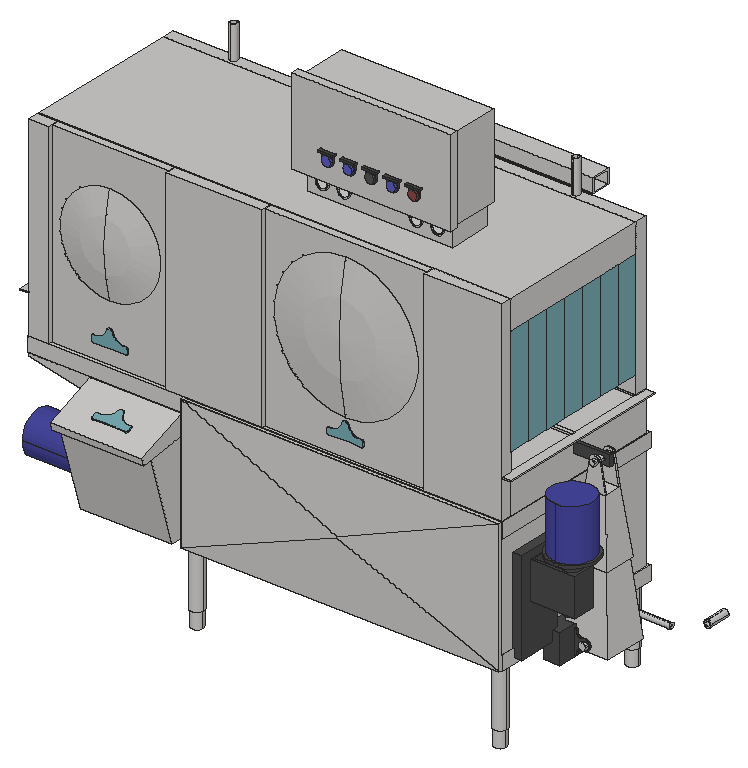
Revit family (continued)
Dimensions and locks (in)
  locked: plane 34 "Back of Panel" to plane 33 at 7
  locked: plane 33 to plane 35 "Front of Upper Panel" at 1
  locked: plane 29 to plane 36 at 0.5
  locked: plane 37 to plane 30 at 0.5
  locked: Extrusion 26 sketch curve to plane 27 at 2
  locked: Extrusion 26 sketch curve to plane 13 "Top of Machine" at 1.75
  locked: Extrusion 28 sketch curve to plane 28 at 2
  locked: Extrusion 28 sketch curve to plane 13 "Top of Machine" at 1.75
  locked: Extrusion 31 sketch curve to plane 13 "Top of Machine" at 5.875
  locked: Extrusion 32 sketch curve to plane 13 "Top of Machine" at 5.875
  locked: Extrusion 33 sketch curve to plane 13 "Top of Machine" at 5.875
  locked: Extrusion 34 sketch curve to plane 13 "Top of Machine" at 5.875
  locked: Extrusion 35 sketch curve to plane 13 "Top of Machine" at 5.875
  locked: Extrusion 36 sketch curve to plane 14 "Panel Top" at 4.12493
  locked: plane 38 to plane 9 "Right End Cowl" at 0.125
  locked: plane 10 to plane 39 at 3.875
  locked: plane 40 to plane 41 at 24.875
  locked: plane 41 to plane 6 "FRONT" at 0.0625
  plane 42 "Top of Vents" to plane 13 "Top of Machine" = 0' - 4"
  locked: Extrusion 41 sketch curve to plane 5 "RIGHT" at 1.375
  locked: plane 5 "RIGHT" to Extrusion 42 sketch curve at 1.375
  locked: plane 5 "RIGHT" to Extrusion 42 sketch curve at 7.625
  locked: plane 5 "RIGHT" to Extrusion 42 sketch curve at 6
  locked: plane 5 "RIGHT" to Extrusion 43 sketch curve at 6
  locked: plane 5 "RIGHT" to Extrusion 46 sketch curve at 6
  locked: plane 5 "RIGHT" to Extrusion 47 sketch curve at 6
  locked: plane 5 "RIGHT" to Blend 45 sketch curve at 6
  locked: Extrusion 58 sketch curve to plane 3 "BACK" at 0.75
  locked: plane 43 to plane 22 "Door Center" at 14.5
  locked: plane 43 to plane 44 at 29
  locked: plane 46 to plane 13 "Top of Machine" at 2
  locked: plane 45 to plane 3 "BACK" at 3
  Extrusion 61 sketch curve to plane 13 "Top of Machine" = 1' - 1"
  locked: plane 30 to Extrusion 61 sketch curve at 1
  Extrusion 62 sketch curve to plane 3 "BACK" = 0' - 3"
  locked: plane 47 to plane 3 "BACK" at 5
  locked: plane 48 to plane 13 "Top of Machine" at 29
  locked: plane 49 to plane 51 at 0.125
  locked: plane 52 to plane 50 at 3.875
  locked: plane 54 "LEFT" to plane 56 at 0.25
  "Width": plane 54 "LEFT" to plane 5 "RIGHT"
  locked: plane 53 "Left of Middle" to plane 54 "LEFT" at 0.125
  locked: plane 55 to plane 54 "LEFT" at 1.25
  "Single Door Opening": plane 58 to plane 57
  locked: Extrusion 78 sketch curve to plane 21 at 1.125
  plane 59 "Left of Bin" to plane 2 "Left of Bottom" = 1' - 0 15/16"
  locked: plane 60 to plane 53 "Left of Middle" at 2.5
  locked: plane 61 to level at 13.625
  locked: Extrusion 30 sketch curve to plane 22 "Door Center" at 1
  locked: plane 22 "Door Center" to Extrusion 35 sketch curve at 0.75
  locked: plane 22 "Door Center" to Extrusion 88 sketch curve at 6
  locked: plane 22 "Door Center" to Extrusion 31 sketch curve at 3
  locked: Extrusion 30 to Extrusion 32 sketch curve at 1
  locked: Extrusion 33 sketch curve to plane 22 "Door Center" at 3
  locked: Extrusion 34 sketch curve to plane 22 "Door Center" at 6
  locked: Extrusion 58 sketch curve to plane 5 "RIGHT" at 9
  locked: plane 54 "LEFT" to Extrusion 90 sketch curve at 28
  locked: plane 54 "LEFT" to Extrusion 91 sketch curve at 9
  locked: Extrusion 62 sketch curve to plane 5 "RIGHT" at 28
  locked: plane 62 to level at 8.5
  locked: plane 6 "FRONT" to plane 64 at 7
  locked: plane 65 to level at 8
  locked: plane 68 "Condensate" to plane 3 "BACK" at 3
  equal spacing: plane 23, plane 22 "Door Center", plane 24
  locked: plane 23 to plane 69 at 0.25
  locked: plane 70 to plane 24 at 0.25
  locked: plane 73 to plane 22 "Door Center" at 0.0625
  locked: plane 22 "Door Center" to plane 72 at 0.0625
  locked: plane 22 "Door Center" to plane 71 at 1.4375
  locked: plane 74 to plane 22 "Door Center" at 1.4375
  locked: plane 58 to plane 75 at 0.25
  locked: plane 76 to plane 57 at 0.125
  locked: plane 77 "Small Door Handle" to plane 57 at 1.4375
  locked: plane 54 "LEFT" to plane 58 at 2.6875
  locked: plane 54 "LEFT" to Extrusion 93 sketch curve at 17.1875
  locked: Sweep 92 sketch curve to plane 54 "LEFT" at 11.5625
  aligned and locked: level to plane 1
  aligned and locked: Extrusion 1 sketch curve to plane 17
  aligned and locked: Extrusion 1 sketch curve to plane 18
  aligned and locked: plane 19 "Right of Bottom" to Extrusion 1 sketch curve
  aligned and locked: Extrusion 1 to plane 11 "Bottom of Machine"
  aligned and locked: plane 15 to Extrusion 1
  aligned and locked: plane 2 "Left of Bottom" to Extrusion 2 sketch curve
  aligned and locked: Extrusion 2 sketch curve to plane 5 "RIGHT"
  aligned and locked: plane 6 "FRONT" to Extrusion 2 sketch curve
  aligned and locked: plane 3 "BACK" to Extrusion 2 sketch curve
  aligned and locked: plane 14 "Panel Top" to Extrusion 2
  aligned and locked: Extrusion 2 to plane 15
  aligned and locked: plane 5 "RIGHT" to Extrusion 3 sketch curve
  aligned and locked: plane 6 "FRONT" to Extrusion 3 sketch curve
  aligned and locked: plane 8 "Right of Ledge" to Extrusion 3 sketch curve
  aligned and locked: plane 3 "BACK" to Extrusion 3 sketch curve
  aligned and locked: plane 3 "BACK" to Extrusion 4 sketch curve
  aligned and locked: Extrusion 4 sketch curve to plane 21
  aligned and locked: Extrusion 4 to plane 14 "Panel Top"
  aligned and locked: plane 3 "BACK" to Extrusion 5 sketch curve
  aligned and locked: plane 20 to Extrusion 5 sketch curve
  aligned and locked: Extrusion 6 sketch curve to plane 5 "RIGHT"
  aligned and locked: Extrusion 6 sketch curve to plane 21
  aligned and locked: Extrusion 6 sketch curve to plane 20
  aligned and locked: plane 3 "BACK" to Extrusion 7 sketch curve
  aligned and locked: plane 20 to Extrusion 7 sketch curve
  aligned and locked: Extrusion 7 sketch curve to plane 5 "RIGHT"
  aligned and locked: Extrusion 7 to plane 12 "Table Height"
  aligned and locked: Extrusion 6 to plane 25 "Top of Opening"
  aligned and locked: Extrusion 8 sketch curve to plane 23
  aligned and locked: plane 14 "Panel Top" to Extrusion 8 sketch curve
  aligned and locked: Extrusion 8 to plane 21
  aligned and locked: Extrusion 8 sketch curve to plane 13 "Top of Machine"
  aligned and locked: plane 2 "Left of Bottom" to Blend 9 sketch curve
  aligned and locked: plane 11 "Bottom of Machine" to Blend 9 sketch curve
  aligned and locked: Blend 9 sketch curve to plane 14 "Panel Top"
  aligned and locked: Blend 9 sketch curve to plane 5 "RIGHT"
  aligned and locked: plane 6 "FRONT" to Extrusion 1 sketch curve
  aligned and locked: plane 2 "Left of Bottom" to Extrusion 10 sketch curve
  aligned and locked: Extrusion 10 sketch curve to plane 6 "FRONT"
  aligned and locked: plane 16 to Extrusion 10 sketch curve
  aligned and locked: Extrusion 10 sketch curve to plane 5 "RIGHT"
  aligned and locked: Extrusion 10 to plane 11 "Bottom of Machine"
  aligned and locked: plane 14 "Panel Top" to Extrusion 10
  aligned and locked: plane 24 to Extrusion 11 sketch curve
  aligned and locked: Extrusion 11 sketch curve to plane 13 "Top of Machine"
  aligned and locked: Extrusion 11 sketch curve to plane 5 "RIGHT"
  aligned and locked: plane 14 "Panel Top" to Extrusion 11 sketch curve
  aligned and locked: Extrusion 11 to plane 21
  aligned and locked: Extrusion 12 sketch curve to plane 24
  aligned and locked: plane 21 to Extrusion 12 sketch curve
  aligned and locked: plane 23 to Extrusion 12 sketch curve
  aligned and locked: Extrusion 12 to plane 14 "Panel Top"
  aligned and locked: plane 26 to Extrusion 14
  aligned and locked: Extrusion 15 to plane 26
  aligned and locked: plane 11 "Bottom of Machine" to Extrusion 15
  aligned and locked: plane 21 to Extrusion 22 sketch curve
  aligned and locked: plane 5 "RIGHT" to Extrusion 22 sketch curve  (x7)
  aligned and locked: plane 20 to Extrusion 22 sketch curve
  aligned and locked: Extrusion 23 sketch curve to plane 32
  aligned and locked: plane 31 "Front of Lower Panel" to Extrusion 23 sketch curve
  aligned and locked: plane 27 to Extrusion 23 sketch curve
  aligned and locked: plane 28 to Extrusion 23 sketch curve
  aligned and locked: Extrusion 24 sketch curve to plane 34 "Back of Panel"
  aligned and locked: plane 33 to Extrusion 24 sketch curve
  aligned and locked: plane 36 to Extrusion 24 sketch curve
  aligned and locked: Extrusion 24 sketch curve to plane 37
  aligned and locked: Extrusion 25 sketch curve to plane 33
  aligned and locked: plane 35 "Front of Upper Panel" to Extrusion 25 sketch curve
  aligned and locked: plane 29 to Extrusion 25 sketch curve
  aligned and locked: Extrusion 25 sketch curve to plane 30
  aligned and locked: Extrusion 27 sketch curve to Extrusion 26  (x2)
  aligned and locked: Extrusion 29 sketch curve to Extrusion 28  (x2)
  aligned and locked: Extrusion 37 sketch curve to plane 13 "Top of Machine"
  aligned and locked: Extrusion 37 sketch curve to plane 6 "FRONT"
  aligned and locked: plane 21 to Extrusion 37 sketch curve
  aligned and locked: plane 20 to Extrusion 37 sketch curve
  aligned and locked: plane 3 "BACK" to Extrusion 37 sketch curve
  aligned and locked: plane 6 "FRONT" to Extrusion 38 sketch curve
  aligned and locked: Extrusion 38 sketch curve to plane 13 "Top of Machine"
  aligned and locked: plane 3 "BACK" to Extrusion 38 sketch curve
  aligned and locked: plane 20 to Extrusion 38 sketch curve
  aligned and locked: plane 25 "Top of Opening" to Extrusion 38 sketch curve
  aligned and locked: plane 21 to Extrusion 38 sketch curve
  aligned and locked: Extrusion 38 to plane 38
  aligned and locked: plane 38 to Extrusion 37
  aligned and locked: Extrusion 39 sketch curve to plane 10
  aligned and locked: plane 39 to Extrusion 39 sketch curve
  aligned and locked: plane 40 to Extrusion 39 sketch curve
  aligned and locked: Extrusion 39 sketch curve to plane 41
  aligned and locked: Extrusion 40 sketch curve to Extrusion 39  (x4)
  aligned and locked: Extrusion 44 sketch curve to Extrusion 42
  aligned and locked: Blend 45 sketch curve to Extrusion 44  (x2)
  aligned and locked: Extrusion 54 sketch curve to Extrusion 52  (x2)
  aligned and locked: Extrusion 41 to plane 5 "RIGHT"
  aligned and locked: Extrusion 48 to plane 5 "RIGHT"
  aligned: nested 1 to cut or joined group of Extrusion 37, Extrusion 40
  aligned and locked: plane 10 to nested 1
  aligned and locked: plane 39 to nested 1
  aligned and locked: plane 41 to nested 1
  aligned and locked: nested 1 to plane 40
  aligned and locked: Extrusion 59 to plane 43
  aligned and locked: Extrusion 59 to plane 44
  aligned and locked: Extrusion 60 to plane 44
  aligned and locked: Extrusion 60 to plane 43
  aligned and locked: plane 3 "BACK" to curve 1
  aligned and locked: curve 3 to plane 5 "RIGHT"
  aligned and locked: plane 6 "FRONT" to curve 2
  aligned and locked: curve 5 to plane 9 "Right End Cowl"
  aligned and locked: plane 43 to curve 7
  aligned and locked: plane 44 to curve 9
  aligned and locked: curve 8 to plane 45
  aligned and locked: plane 8 "Right of Ledge" to curve 10
  aligned and locked: curve 11 to plane 34 "Back of Panel"
  aligned and locked: plane 33 to curve 13
  aligned and locked: plane 36 to curve 12
  aligned and locked: curve 14 to plane 37
  aligned and locked: plane 29 to curve 18
  aligned and locked: plane 35 "Front of Upper Panel" to curve 17
  aligned and locked: curve 16 to plane 30
  aligned and locked: plane 41 to curve 22
  aligned and locked: curve 23 to plane 39
  aligned and locked: plane 10 to curve 21
  aligned and locked: curve 20 to plane 40
  aligned and locked: Extrusion 63 sketch curve to plane 17  (x2)
  aligned and locked: plane 47 to Extrusion 63 sketch curve
  aligned and locked: plane 44 to Extrusion 63 sketch curve
  aligned and locked: Extrusion 63 sketch curve to plane 45
  aligned and locked: plane 43 to Extrusion 63 sketch curve
  aligned: plane 42 "Top of Vents" to Extrusion 63
  aligned and locked: plane 4 "TOP" to Extrusion 63
  aligned and locked: plane 13 "Top of Machine" to Extrusion 64 sketch curve
  aligned and locked: Extrusion 64 sketch curve to plane 24
  aligned and locked: plane 23 to Extrusion 64 sketch curve
  aligned and locked: Extrusion 64 sketch curve to plane 48
  aligned and locked: Extrusion 64 to plane 21
  aligned and locked: Extrusion 63 sketch curve to plane 8 "Right of Ledge"
  aligned and locked: Extrusion 65 sketch curve to plane 47
  aligned and locked: Extrusion 65 sketch curve to plane 8 "Right of Ledge"
  aligned and locked: plane 17 to Extrusion 65 sketch curve
  aligned and locked: Extrusion 65 sketch curve to plane 9 "Right End Cowl"
  aligned and locked: plane 4 "TOP" to Extrusion 65
  aligned and locked: curve 26 to plane 9 "Right End Cowl"
  aligned and locked: curve 25 to plane 47
  aligned and locked: Extrusion 67 sketch curve to Extrusion 66  (x2)
  aligned and locked: Extrusion 69 sketch curve to Extrusion 68  (x2)
  aligned and locked: Extrusion 70 to plane 51
  aligned and locked: plane 51 to Extrusion 71
  aligned and locked: plane 52 to Extrusion 72 sketch curve
  aligned and locked: Extrusion 72 sketch curve to plane 50
  aligned and locked: curve 27 to plane 49
  aligned and locked: curve 31 to plane 50
  aligned and locked: plane 52 to curve 29
  aligned and locked: plane 49 to Extrusion 73 sketch curve
  aligned and locked: plane 49 to curve 32
  aligned and locked: Extrusion 74 sketch curve to plane 55
  aligned and locked: plane 6 "FRONT" to Extrusion 75 sketch curve
  aligned and locked: Extrusion 75 sketch curve to plane 17
  aligned and locked: plane 19 "Right of Bottom" to Extrusion 75 sketch curve
  aligned and locked: plane 14 "Panel Top" to Extrusion 75
  aligned and locked: Extrusion 75 sketch curve to plane 53 "Left of Middle"
  aligned and locked: plane 54 "LEFT" to Extrusion 7 sketch curve
  aligned and locked: plane 54 "LEFT" to Extrusion 6 sketch curve
  aligned and locked: Extrusion 4 sketch curve to plane 5 "RIGHT"
  aligned and locked: plane 54 "LEFT" to Extrusion 4 sketch curve
  aligned and locked: Extrusion 5 sketch curve to plane 5 "RIGHT"
  aligned and locked: plane 54 "LEFT" to Extrusion 5 sketch curve
  aligned and locked: plane 57 to Extrusion 8 sketch curve
  aligned and locked: plane 54 "LEFT" to Extrusion 77 sketch curve
  aligned and locked: Extrusion 77 sketch curve to plane 13 "Top of Machine"
  aligned and locked: Extrusion 77 sketch curve to plane 58
  aligned and locked: plane 14 "Panel Top" to Extrusion 77 sketch curve
  aligned and locked: Extrusion 77 to plane 21
  aligned and locked: Extrusion 77 to plane 6 "FRONT"
  aligned and locked: plane 13 "Top of Machine" to Extrusion 81 sketch curve
  aligned and locked: Extrusion 81 sketch curve to plane 57
  aligned and locked: plane 58 to Extrusion 81 sketch curve
  aligned and locked: Extrusion 81 sketch curve to plane 48
  aligned and locked: Extrusion 81 to plane 21
  aligned and locked: plane 58 to Extrusion 78 sketch curve
  aligned and locked: Extrusion 78 sketch curve to plane 57
  aligned and locked: plane 21 to Extrusion 78 sketch curve
  aligned and locked: Extrusion 78 to plane 14 "Panel Top"
  aligned and locked: plane 13 "Top of Machine" to Extrusion 78
  aligned and locked: plane 18 to Extrusion 82 sketch curve
  aligned and locked: plane 59 "Left of Bin" to Extrusion 82 sketch curve
  aligned and locked: Extrusion 82 to plane 3 "BACK"
  aligned and locked: plane 60 to Extrusion 87
  aligned and locked: Extrusion 94 sketch curve to Extrusion 93  (x2)
  aligned and locked: Extrusion 95 sketch curve to Extrusion 62  (x2)
  aligned and locked: plane 75 to Extrusion 99 sketch curve
  aligned and locked: Extrusion 99 sketch curve to plane 76
  aligned and locked: plane 21 to Extrusion 99 sketch curve
  aligned and locked: plane 6 "FRONT" to Extrusion 99 sketch curve
  aligned and locked: plane 69 to Extrusion 100 sketch curve
  aligned and locked: Extrusion 100 sketch curve to plane 73
  aligned and locked: plane 21 to Extrusion 100 sketch curve
  aligned and locked: plane 6 "FRONT" to Extrusion 100 sketch curve
  aligned and locked: plane 21 to Extrusion 101 sketch curve
  aligned and locked: plane 72 to Extrusion 101 sketch curve
  aligned and locked: Extrusion 101 sketch curve to plane 70
  aligned and locked: plane 6 "FRONT" to Extrusion 101 sketch curve
  aligned and locked: Extrusion 99 to plane 14 "Panel Top"
  aligned and locked: Extrusion 100 to plane 14 "Panel Top"
  aligned and locked: Extrusion 101 to plane 14 "Panel Top"
  aligned and locked: curve 61 to plane 23
  aligned and locked: curve 64 to plane 24
  aligned and locked: curve 60 to plane 58
Automatic sketch dimensions
  plane 61 to Blend 9 sketch curve = 0' - 5 19/32"
  Blend 9 sketch curve to Blend 9 sketch curve = 0' - 0 1/16"
  plane 71 to Extrusion 30 sketch curve = 0' - 0 9/16"
  Extrusion 30 sketch curve to Extrusion 30 sketch curve = 0' - 2"  (x4)
  Extrusion 30 sketch curve to Extrusion 30 sketch curve = 0' - 1"  (x2)
  plane 74 to Extrusion 30 sketch curve = 0' - 0 7/16"
  Extrusion 30 sketch curve to plane 74 = 0' - 0 9/16"
  plane 42 "Top of Vents" to Extrusion 30 sketch curve = 0' - 2 3/4"  (x3)
  Extrusion 30 sketch curve to Extrusion 30 sketch curve = 0' - 0"  (x2)
  Extrusion 30 sketch curve to Extrusion 30 sketch curve = 0' - 0 1/4"  (x5)
  Extrusion 35 sketch curve to plane 22 "Door Center" = 0' - 0"
  plane 71 to Extrusion 35 sketch curve = 0' - 0 13/16"
  Extrusion 35 sketch curve to Extrusion 35 sketch curve = 0' - 0 3/4"  (x4)
  Extrusion 35 sketch curve to Extrusion 35 sketch curve = 0' - 1 1/2"  (x2)
  Extrusion 35 sketch curve to plane 74 = 0' - 0 13/16"
  Extrusion 35 sketch curve to Extrusion 35 sketch curve = 0' - 0"
  plane 42 "Top of Vents" to Extrusion 35 sketch curve = 0' - 1 7/8"  (x3)
  Extrusion 35 sketch curve to Extrusion 35 sketch curve = 0' - 0 7/8"  (x5)
  Extrusion 39 sketch curve to plane 41 = 0' - 0 1/8"
  plane 40 to Extrusion 39 sketch curve = 0' - 0 1/8"
  Extrusion 39 sketch curve to plane 10 = 0' - 0 1/8"
  plane 39 to Extrusion 39 sketch curve = 0' - 0 1/8"
  Extrusion 43 sketch curve to plane 35 "Front of Upper Panel" = 0' - 0 3/16"
  Blend 45 sketch curve to plane 35 "Front of Upper Panel" = 0' - 0 3/16"
  Extrusion 46 sketch curve to plane 35 "Front of Upper Panel" = 0' - 0 3/16"
  Extrusion 47 sketch curve to plane 35 "Front of Upper Panel" = 0' - 0 3/16"
  Blend 55 sketch curve to plane 8 "Right of Ledge" = 0' - 0 5/16"
  Blend 55 sketch curve to plane 32 = 0' - 2 1/4"
  plane 34 "Back of Panel" to Blend 55 sketch curve = 0' - 1 3/4"
  Blend 55 sketch curve to plane 39 = 0' - 0 1/4"
  Blend 55 sketch curve to plane 10 = 0' - 0 1/4"
  Blend 55 sketch curve to plane 32 = 0' - 1 1/4"
  plane 34 "Back of Panel" to Blend 55 sketch curve = 0' - 0 3/4"
  Blend 55 sketch curve to plane 66 = 0' - 0 9/16"
  plane 39 to Blend 56 sketch curve = 0' - 0 1/2"
  plane 31 "Front of Lower Panel" to Blend 56 sketch curve = 0' - 3"
  plane 34 "Back of Panel" to Blend 56 sketch curve = 0' - 2 1/2"
  plane 8 "Right of Ledge" to Blend 56 sketch curve = 0' - 0 7/16"
  Blend 56 sketch curve to plane 8 "Right of Ledge" = 0' - 0 9/16"
  Blend 56 sketch curve to plane 32 = 0' - 2"
  plane 34 "Back of Panel" to Blend 56 sketch curve = 0' - 1 1/2"
  plane 66 to Blend 56 sketch curve = 0' - 0 3/16"
  Extrusion 63 sketch curve to plane 55 = 0' - 0 1/4"
  Extrusion 66 sketch curve to Extrusion 66 sketch curve = 0' - 0"  (x2)
  Extrusion 66 sketch curve to plane 46 = 0' - 0 1/4"
  Extrusion 66 sketch curve to plane 74 = 0' - 3 9/16"
  Extrusion 68 sketch curve to Extrusion 68 sketch curve = 0' - 0"  (x2)
  plane 46 to Extrusion 68 sketch curve = 0' - 0 1/4"
  Extrusion 68 sketch curve to plane 71 = 0' - 3 9/16"
  Extrusion 72 sketch curve to plane 41 = 0' - 0"
  Extrusion 72 sketch curve to plane 40 = 0' - 0"
  plane 41 to Extrusion 72 sketch curve = 0' - 0 1/8"
  Extrusion 72 sketch curve to plane 40 = 0' - 0 1/8"
  Extrusion 72 sketch curve to plane 50 = 0' - 0 1/8"
  plane 52 to Extrusion 72 sketch curve = 0' - 0 1/8"
  Extrusion 73 sketch curve to plane 17 = 0' - 0"
  Extrusion 73 sketch curve to plane 47 = 0' - 0"
  Extrusion 73 sketch curve to plane 55 = 0' - 0 1/4"
  Extrusion 85 sketch curve to Extrusion 85 sketch curve = 0' - 0.25483"
  Extrusion 85 sketch curve to Extrusion 85 sketch curve = 0' - 1.63184"  (x2)
  Extrusion 85 sketch curve to Extrusion 85 sketch curve = 0' - 1.52338"
  Extrusion 85 sketch curve to Extrusion 85 sketch curve = 0' - 0.41934"
  Extrusion 85 sketch curve to Extrusion 85 sketch curve = 0' - 0.42496"
  Extrusion 85 sketch curve to Extrusion 85 sketch curve = 0' - 0"  (x2)
  Extrusion 85 sketch curve to Extrusion 85 sketch curve = 0' - 1.22253"
  Extrusion 85 sketch curve to Extrusion 85 sketch curve = 0' - 1.51845"
  Extrusion 85 sketch curve to Extrusion 85 sketch curve = 0' - 0.00341"
  Extrusion 85 sketch curve to Extrusion 85 sketch curve = 0' - 0.25142"  (x2)
  Extrusion 85 sketch curve to Extrusion 85 sketch curve = 0' - 11.90119"
  Extrusion 85 sketch curve to Extrusion 85 sketch curve = 0' - 0.08323"
  Extrusion 85 sketch curve to Extrusion 85 sketch curve = 0' - 0.48493"  (x2)
  Extrusion 85 sketch curve to Extrusion 85 sketch curve = 0' - 1.96861"
  Extrusion 86 sketch curve to plane 35 "Front of Upper Panel" = 0' - 0"
  Extrusion 86 sketch curve to plane 61 = 0' - 0"
  Extrusion 87 sketch curve to plane 35 "Front of Upper Panel" = 0' - 0"
  Extrusion 87 sketch curve to plane 61 = 0' - 0"
  plane 42 "Top of Vents" to Extrusion 88 sketch curve = 0' - 1 7/8"
  Extrusion 90 sketch curve to Extrusion 90 sketch curve = 0' - 0"  (x2)
  Extrusion 90 sketch curve to plane 40 = 0' - 0 11/16"
  Extrusion 91 sketch curve to Extrusion 91 sketch curve = 0' - 0"  (x2)
  Extrusion 91 sketch curve to plane 40 = 0' - 0 11/16"
  Extrusion 93 sketch curve to Extrusion 93 sketch curve = 0' - 0"  (x2)
  Extrusion 93 sketch curve to plane 63 "Drain" = 0' - 1"
  plane 41 to Extrusion 96 sketch curve = 0' - 0 1/8"
  Extrusion 96 sketch curve to plane 40 = 0' - 0 1/8"
  Extrusion 96 sketch curve to plane 50 = 0' - 0 1/8"
  plane 52 to Extrusion 96 sketch curve = 0' - 0 1/8"
  curve 36 to plane 6 "FRONT" = 0' - 0"
  curve 36 to plane 54 "LEFT" = 0' - 0"
  curve 37 to plane 6 "FRONT" = 0' - 0"
  curve 37 to plane 58 = 0' - 0"
  curve 41 to plane 59 "Left of Bin" = 0' - 0"
  curve 40 to plane 57 = 0' - 0"
  curve 43 to plane 18 = 0' - 0"
  plane 21 to curve 44 = 0' - 0"
  curve 44 to plane 23 = 0' - 0"
  curve 47 to plane 24 = 0' - 0"
  curve 25 to plane 8 "Right of Ledge" = 0' - 0"
  curve 42 to plane 64 = 0' - 0"
  curve 46 to plane 6 "FRONT" = 0' - 0"
  curve 39 to plane 6 "FRONT" = 0' - 0"
  curve 43 to plane 6 "FRONT" = 0' - 0"
  curve 44 to plane 6 "FRONT" = 0' - 0"
  curve 41 to plane 6 "FRONT" = 0' - 0"
  plane 21 to curve 38 = 0' - 0"
  plane 3 "BACK" to curve 36 = 0' - 0"
  curve 26 to plane 17 = 0' - 0"
  curve 32 to plane 17 = 0' - 0"
  curve 24 to plane 55 = 0' - 0 1/4"
  plane 41 to curve 47 = 0' - 0 7/16"
  plane 41 to curve 40 = 0' - 0 7/16"
  Extrusion 5 sketch curve to plane 5 "RIGHT" = 0' - 0"
  Extrusion 5 sketch curve to plane 54 "LEFT" = 0' - 0"
  plane 32 to Extrusion 5 sketch curve = 0' - 0 1/4"
  Extrusion 5 sketch curve to plane 32 = 0' - 0 1/4"
  Revolve 13 sketch curve to plane 16 = 0' - 0"
  Revolve 13 sketch curve to plane 64 = 0' - 4 1/4"
  plane 41 to Revolve 13 sketch curve = 0' - 0 7/16"
  plane 31 "Front of Lower Panel" to Revolve 13 sketch curve = 0' - 2 3/4"
  Revolve 13 sketch curve to plane 25 "Top of Opening" = 0' - 7.74993"
  plane 47 to Revolve 13 sketch curve = 1' - 5.49935"
  Revolve 13 sketch curve to plane 25 "Top of Opening" = 0' - 8"  (x2)
  Extrusion 22 sketch curve to plane 35 "Front of Upper Panel" = 0' - 0 3/8"
  Extrusion 22 sketch curve to Extrusion 22 sketch curve = 0' - 0 1/8"  (x10)
  plane 31 "Front of Lower Panel" to Extrusion 22 sketch curve = 0' - 1 1/4"
  Extrusion 22 sketch curve to plane 32 = 0' - 1 5/8"
  Extrusion 22 sketch curve to plane 5 "RIGHT" = 0' - 0 1/8"  (x3)
  plane 34 "Back of Panel" to Extrusion 22 sketch curve = 0' - 1"
  Extrusion 22 sketch curve to Extrusion 22 sketch curve = 0' - 3"
  Extrusion 22 sketch curve to plane 68 "Condensate" = 0' - 1 3/4"
  Extrusion 26 sketch curve to Extrusion 26 sketch curve = 0' - 0"  (x2)
  Extrusion 28 sketch curve to Extrusion 28 sketch curve = 0' - 0"  (x2)
  Extrusion 36 sketch curve to plane 22 "Door Center" = 0' - 0"
  plane 22 "Door Center" to Extrusion 36 sketch curve = 0' - 0.00035"
  plane 72 to Extrusion 36 sketch curve = 0' - 0.35719"
  plane 72 to Extrusion 36 sketch curve = 0' - 0.54876"
  plane 71 to Extrusion 36 sketch curve = 0' - 0.50556"
  plane 71 to Extrusion 36 sketch curve = 0' - 0.8056"
  Extrusion 36 sketch curve to Extrusion 36 sketch curve = 0' - 0.00341"  (x2)
  Extrusion 36 sketch curve to Extrusion 36 sketch curve = 0' - 0.25142"  (x2)
  Extrusion 36 sketch curve to plane 22 "Door Center" = 0' - 0.42461"
  Extrusion 36 sketch curve to Extrusion 36 sketch curve = 0' - 0"
  Extrusion 36 sketch curve to plane 73 = 0' - 0.54876"
  Extrusion 36 sketch curve to plane 74 = 0' - 0.50556"
  Extrusion 36 sketch curve to plane 74 = 0' - 0.8056"
  Extrusion 36 sketch curve to plane 12 "Table Height" = 0' - 2.43574"  (x2)
  Extrusion 36 sketch curve to Extrusion 36 sketch curve = 0' - 0.48493"  (x2)
  Extrusion 36 sketch curve to Extrusion 36 sketch curve = 0' - 0.08323"
  plane 61 to Extrusion 36 sketch curve = 0' - 5.0469"
  Extrusion 37 sketch curve to plane 40 = 0' - 0 1/16"
  plane 41 to Extrusion 37 sketch curve = 0' - 0 1/16"
  Extrusion 37 sketch curve to plane 13 "Top of Machine" = 0' - 0 1/8"
  Extrusion 37 sketch curve to plane 25 "Top of Opening" = 0' - 0.88572"
  Extrusion 37 sketch curve to Extrusion 37 sketch curve = 0' - 0.05178"  (x2)
  Extrusion 37 sketch curve to Extrusion 37 sketch curve = 0' - 1 1/2"  (x2)
  Extrusion 37 sketch curve to Extrusion 37 sketch curve = 0' - 0.17678"  (x2)
  plane 12 "Table Height" to Extrusion 37 sketch curve = 0' - 5.17678"
  Extrusion 38 sketch curve to plane 25 "Top of Opening" = 0' - 0 15/16"
  Extrusion 38 sketch curve to Extrusion 38 sketch curve = 0' - 1 5/8"  (x2)
  plane 12 "Table Height" to Extrusion 38 sketch curve = 0' - 5 1/8"
  plane 19 "Right of Bottom" to Extrusion 41 sketch curve = 0' - 0"
  Extrusion 41 sketch curve to plane 5 "RIGHT" = 0' - 0"
  Extrusion 41 sketch curve to plane 15 = 0' - 0"
  plane 11 "Bottom of Machine" to Extrusion 41 sketch curve = 0' - 0 15/16"
  Extrusion 41 sketch curve to plane 14 "Panel Top" = 0' - 4 9/16"
  Extrusion 42 sketch curve to plane 66 = 0' - 0"
  Extrusion 42 sketch curve to plane 21 = 0' - 1 5/8"
  Extrusion 42 sketch curve to plane 35 "Front of Upper Panel" = 0' - 1 1/2"
  Extrusion 42 sketch curve to plane 35 "Front of Upper Panel" = 0' - 0 3/16"
  Extrusion 42 sketch curve to plane 31 "Front of Lower Panel" = 0' - 0 1/8"
  Extrusion 42 sketch curve to Extrusion 42 sketch curve = 0' - 0 1/4"
  Extrusion 48 sketch curve to plane 5 "RIGHT" = 0' - 0"
  plane 10 to Extrusion 48 sketch curve = 0' - 1 3/16"
  Extrusion 48 sketch curve to plane 66 = 0' - 0 3/4"
  Extrusion 48 sketch curve to plane 12 "Table Height" = 0' - 2 5/16"
  Extrusion 48 sketch curve to Extrusion 48 sketch curve = 0' - 0 3/4"
  Extrusion 48 sketch curve to plane 12 "Table Height" = 0' - 0 13/16"
  Extrusion 49 sketch curve to plane 15 = 0' - 0"
  plane 19 "Right of Bottom" to Extrusion 49 sketch curve = 0' - 0"
  Extrusion 49 sketch curve to plane 5 "RIGHT" = 0' - 0"
  Extrusion 49 sketch curve to plane 10 = 0' - 0 5/16"
  Extrusion 49 sketch curve to plane 62 = 0' - 0 1/16"
  plane 15 to Extrusion 49 sketch curve = 0' - 0 7/16"
  Extrusion 50 sketch curve to Extrusion 50 sketch curve = 0' - 0"  (x2)
  plane 11 "Bottom of Machine" to Extrusion 50 sketch curve = 0' - 0 7/16"
  plane 10 to Extrusion 50 sketch curve = 0' - 1 3/16"
  plane 10 to Extrusion 50 sketch curve = 0' - 0 9/16"  (x2)
  Extrusion 50 sketch curve to plane 11 "Bottom of Machine" = 0' - 0 5/16"
  plane 10 to Extrusion 50 sketch curve = 0' - 0 3/16"  (x2)
  Extrusion 50 sketch curve to plane 10 = 0' - 0 1/16"  (x2)
  Extrusion 50 sketch curve to Extrusion 50 sketch curve = 0' - 0 1/4"
  Extrusion 50 sketch curve to Extrusion 50 sketch curve = 0' - 0 5/16"
  Extrusion 50 sketch curve to plane 15 = 0' - 0 1/8"
  Extrusion 51 sketch curve to Extrusion 51 sketch curve = 0' - 0"  (x2)
  plane 11 "Bottom of Machine" to Extrusion 51 sketch curve = 0' - 0 7/16"
  plane 10 to Extrusion 51 sketch curve = 0' - 1 3/16"
  plane 10 to Extrusion 51 sketch curve = 0' - 0 9/16"  (x2)
  Extrusion 51 sketch curve to plane 11 "Bottom of Machine" = 0' - 0 5/16"
  plane 10 to Extrusion 51 sketch curve = 0' - 0 3/16"  (x2)
  Extrusion 51 sketch curve to plane 10 = 0' - 0 1/16"  (x2)
  Extrusion 51 sketch curve to Extrusion 51 sketch curve = 0' - 0 1/4"
  Extrusion 51 sketch curve to Extrusion 51 sketch curve = 0' - 0 5/16"
  Extrusion 51 sketch curve to plane 15 = 0' - 0 1/8"
  Extrusion 52 sketch curve to Extrusion 52 sketch curve = 0' - 0"  (x6)
  plane 14 "Panel Top" to Extrusion 52 sketch curve = 0' - 0 3/16"
  Extrusion 52 sketch curve to plane 66 = 0' - 0 9/16"
  Extrusion 52 sketch curve to plane 66 = 0' - 1.26188"
  Extrusion 52 sketch curve to Extrusion 52 sketch curve = 0' - 0.36312"  (x2)
  Extrusion 52 sketch curve to Extrusion 52 sketch curve = 0' - 0 3/8"
  Extrusion 52 sketch curve to plane 10 = 0' - 0 1/4"
  Extrusion 52 sketch curve to plane 12 "Table Height" = 0' - 1 9/16"
  Extrusion 52 sketch curve to Extrusion 52 sketch curve = 0' - 0.13295"
  Extrusion 53 sketch curve to Extrusion 53 sketch curve = 0' - 0"  (x6)
  plane 14 "Panel Top" to Extrusion 53 sketch curve = 0' - 0 3/16"
  Extrusion 53 sketch curve to plane 66 = 0' - 0 9/16"
  Extrusion 53 sketch curve to plane 66 = 0' - 1.26188"
  Extrusion 53 sketch curve to Extrusion 53 sketch curve = 0' - 0.36312"  (x2)
  Extrusion 53 sketch curve to Extrusion 53 sketch curve = 0' - 0 3/8"
  Extrusion 53 sketch curve to plane 10 = 0' - 0 1/4"
  Extrusion 53 sketch curve to plane 12 "Table Height" = 0' - 1 9/16"
  Extrusion 53 sketch curve to Extrusion 53 sketch curve = 0' - 0.13295"
  Extrusion 57 sketch curve to Extrusion 57 sketch curve = 0' - 0"  (x2)
  plane 11 "Bottom of Machine" to Extrusion 57 sketch curve = 0' - 0 7/16"
  Extrusion 57 sketch curve to plane 66 = 0' - 1 1/2"
  Extrusion 57 sketch curve to Extrusion 57 sketch curve = 0' - 0 1/2"
  Extrusion 58 sketch curve to Extrusion 58 sketch curve = 0' - 0"  (x2)
  Extrusion 59 sketch curve to plane 46 = 0' - 0"
  Extrusion 59 sketch curve to plane 13 "Top of Machine" = 0' - 0"
  Extrusion 59 sketch curve to plane 45 = 0' - 0"
  Extrusion 59 sketch curve to plane 45 = 0' - 0 1/8"
  Extrusion 59 sketch curve to plane 17 = 0' - 0 1/8"
  Extrusion 59 sketch curve to Extrusion 59 sketch curve = 0' - 0 1/8"
  plane 13 "Top of Machine" to Extrusion 59 sketch curve = 0' - 0 1/8"
  Extrusion 59 sketch curve to plane 46 = 0' - 0 1/8"
  Extrusion 60 sketch curve to plane 3 "BACK" = 0' - 0"
  Extrusion 60 sketch curve to plane 13 "Top of Machine" = 0' - 0"
  Extrusion 60 sketch curve to plane 3 "BACK" = 0' - 0 1/4"
  Extrusion 60 sketch curve to Extrusion 60 sketch curve = 0' - 0 1/8"
  Extrusion 62 sketch curve to Extrusion 62 sketch curve = 0' - 0"  (x2)
  curve 35 to plane 6 "FRONT" = 0' - 0"
  curve 3 to plane 6 "FRONT" = 0' - 0"
  curve 30 to plane 41 = 0' - 0"
  curve 29 to plane 40 = 0' - 0"
  plane 3 "BACK" to curve 34 = 0' - 0"
  plane 3 "BACK" to curve 3 = 0' - 0"
  curve 34 to plane 54 "LEFT" = 0' - 0"
  curve 35 to plane 54 "LEFT" = 0' - 0"
  curve 2 to plane 55 = 0' - 0"
  curve 1 to plane 55 = 0' - 0"
  Extrusion 70 sketch curve to plane 6 "FRONT" = 0' - 0"
  Extrusion 70 sketch curve to plane 21 = 0' - 0"
  Extrusion 70 sketch curve to plane 20 = 0' - 0"
  Extrusion 70 sketch curve to plane 3 "BACK" = 0' - 0"
  Extrusion 70 sketch curve to plane 13 "Top of Machine" = 0' - 0"
  plane 41 to Extrusion 70 sketch curve = 0' - 0 1/16"
  Extrusion 70 sketch curve to plane 40 = 0' - 0 1/16"
  Extrusion 70 sketch curve to plane 13 "Top of Machine" = 0' - 0 1/8"
  Extrusion 70 sketch curve to plane 25 "Top of Opening" = 0' - 0.88572"
  Extrusion 70 sketch curve to Extrusion 70 sketch curve = 0' - 0.05178"  (x2)
  Extrusion 70 sketch curve to Extrusion 70 sketch curve = 0' - 1 1/2"  (x2)
  Extrusion 70 sketch curve to Extrusion 70 sketch curve = 0' - 0.17678"  (x2)
  plane 12 "Table Height" to Extrusion 70 sketch curve = 0' - 5.17678"
  Extrusion 71 sketch curve to plane 6 "FRONT" = 0' - 0"
  Extrusion 71 sketch curve to plane 21 = 0' - 0"
  Extrusion 71 sketch curve to plane 20 = 0' - 0"
  Extrusion 71 sketch curve to plane 3 "BACK" = 0' - 0"
  Extrusion 71 sketch curve to plane 25 "Top of Opening" = 0' - 0"
  Extrusion 71 sketch curve to plane 13 "Top of Machine" = 0' - 0"
  Extrusion 71 sketch curve to plane 25 "Top of Opening" = 0' - 0 15/16"
  Extrusion 71 sketch curve to Extrusion 71 sketch curve = 0' - 1 5/8"  (x2)
  plane 12 "Table Height" to Extrusion 71 sketch curve = 0' - 5 1/8"
  Extrusion 74 sketch curve to plane 6 "FRONT" = 0' - 0"
  plane 3 "BACK" to Extrusion 74 sketch curve = 0' - 0"
  Extrusion 74 sketch curve to plane 54 "LEFT" = 0' - 0"
  plane 21 to Extrusion 76 sketch curve = 0' - 0"
  Extrusion 76 sketch curve to plane 54 "LEFT" = 0' - 0"  (x7)
  Extrusion 76 sketch curve to plane 20 = 0' - 0"
  plane 35 "Front of Upper Panel" to Extrusion 76 sketch curve = 0' - 0 3/8"
  Extrusion 76 sketch curve to Extrusion 76 sketch curve = 0' - 0 1/8"  (x6)
  Extrusion 76 sketch curve to plane 31 "Front of Lower Panel" = 0' - 1 1/4"
  plane 32 to Extrusion 76 sketch curve = 0' - 1 5/8"
  Extrusion 76 sketch curve to plane 54 "LEFT" = 0' - 0 1/8"  (x7)
  Extrusion 76 sketch curve to plane 34 "Back of Panel" = 0' - 1"
  Extrusion 76 sketch curve to Extrusion 76 sketch curve = 0' - 3"
  plane 68 "Condensate" to Extrusion 76 sketch curve = 0' - 1 3/4"
  Revolve 79 sketch curve to plane 16 = 0' - 0"
  Revolve 79 sketch curve to plane 64 = 0' - 4 1/4"
  plane 41 to Revolve 79 sketch curve = 0' - 0 7/16"
  plane 31 "Front of Lower Panel" to Revolve 79 sketch curve = 0' - 2 3/4"
  Revolve 79 sketch curve to plane 17 = 0' - 0.00039"
  Revolve 79 sketch curve to plane 25 "Top of Opening" = 0' - 8.1428"
  Revolve 79 sketch curve to plane 25 "Top of Opening" = 0' - 8"  (x2)
  Extrusion 80 sketch curve to Extrusion 80 sketch curve = 0' - 1.52338"
  Extrusion 80 sketch curve to Extrusion 80 sketch curve = 0' - 1.63184"  (x2)
  Extrusion 80 sketch curve to Extrusion 80 sketch curve = 0' - 0.00341"
  Extrusion 80 sketch curve to Extrusion 80 sketch curve = 0' - 0.25142"
  Extrusion 80 sketch curve to Extrusion 80 sketch curve = 0' - 0"
  plane 59 "Left of Bin" to Extrusion 80 sketch curve = 0' - 0.30694"
  plane 59 "Left of Bin" to Extrusion 80 sketch curve = 0' - 0.0069"
  plane 59 "Left of Bin" to Extrusion 80 sketch curve = 0' - 0.00349"
  Extrusion 80 sketch curve to plane 59 "Left of Bin" = 0' - 0.24793"
  plane 61 to Extrusion 80 sketch curve = 0' - 5.0469"
  plane 14 "Panel Top" to Extrusion 80 sketch curve = 0' - 2.07309"  (x2)
  Extrusion 80 sketch curve to Extrusion 80 sketch curve = 0' - 0.08323"
  Extrusion 80 sketch curve to Extrusion 80 sketch curve = 0' - 0.48493"  (x2)
  Extrusion 80 sketch curve to plane 12 "Table Height" = 0' - 1.37507"
  plane 11 "Bottom of Machine" to Extrusion 82 sketch curve = 0' - 0 15/16"
  Extrusion 82 sketch curve to plane 14 "Panel Top" = 0' - 2"
  Extrusion 84 sketch curve to Extrusion 84 sketch curve = 0' - 1.04649"
  Extrusion 89 sketch curve to plane 59 "Left of Bin" = 0' - 0"
  Extrusion 89 sketch curve to plane 54 "LEFT" = 0' - 0"
  Extrusion 89 sketch curve to plane 14 "Panel Top" = 0' - 4 1/4"
  Extrusion 89 sketch curve to plane 14 "Panel Top" = 0' - 2 3/8"
  Extrusion 89 sketch curve to plane 14 "Panel Top" = 0' - 2"
  Sweep 92 sketch curve to plane 62 = 0' - 0"
  plane 27 to Sweep 92 sketch curve = 0' - 4"
  plane 11 "Bottom of Machine" to Sweep 92 sketch curve = 0' - 0 1/2"
  Sweep 92 sketch curve to Sweep 92 sketch curve = 0' - 0 7/16"
  Sweep 92 sketch curve to Sweep 92 sketch curve = 0' - 0"  (x2)
  Sweep 92 sketch curve to plane 63 "Drain" = 0' - 1"
  profile plane to Sweep 92 sketch curve = 0' - 0"
  Sweep 97 sketch curve to plane 65 = 0' - 0"
  Sweep 97 sketch curve to plane 66 = 0' - 0"
  Sweep 97 sketch curve to plane 5 "RIGHT" = 0' - 0"
  Sweep 97 sketch curve to plane 11 "Bottom of Machine" = 0' - 0"
  plane 7 "Right of Top" to Sweep 97 sketch curve = 0' - 0 3/4"
  Sweep 97 sketch curve to Sweep 97 sketch curve = 0' - 0"  (x2)
  Sweep 97 sketch curve to plane 68 "Condensate" = 0' - 0"
  profile plane to Sweep 97 sketch curve = 0' - 0"
  Extrusion 98 sketch curve to Extrusion 98 sketch curve = 0' - 0"  (x2)
  Extrusion 98 sketch curve to plane 11 "Bottom of Machine" = 0' - 0"
  Extrusion 98 sketch curve to plane 67 = 0' - 0"
  curve 60 to plane 6 "FRONT" = 0' - 0"
  curve 59 to plane 6 "FRONT" = 0' - 0"
  curve 61 to plane 6 "FRONT" = 0' - 0"
  curve 65 to plane 6 "FRONT" = 0' - 0"
  curve 62 to plane 6 "FRONT" = 0' - 0"
  curve 48 to plane 6 "FRONT" = 0' - 0"
  curve 64 to plane 6 "FRONT" = 0' - 0"
  plane 21 to curve 58 = 0' - 0"
  plane 21 to curve 59 = 0' - 0"
  plane 3 "BACK" to curve 48 = 0' - 0"
  curve 58 to plane 72 = 0' - 0"
  curve 59 to plane 73 = 0' - 0"
  curve 62 to plane 57 = 0' - 0"
  curve 48 to plane 55 = 0' - 0"
  plane 58 to Extrusion 102 sketch curve = 0' - 0.01242"
  Extrusion 102 sketch curve to plane 6 "FRONT" = 0' - 0 1/4"
  plane 58 to Extrusion 103 sketch curve = 0' - 0.01242"
  Extrusion 103 sketch curve to plane 6 "FRONT" = 0' - 0 1/4"
  Sweep 104 sketch curve to profile plane = 0' - 0"  (x2)
  curve 56 to plane 6 "FRONT" = 0' - 0"
  curve 53 to plane 6 "FRONT" = 0' - 0"
  curve 52 to plane 6 "FRONT" = 0' - 0"
  curve 50 to plane 6 "FRONT" = 0' - 0"
  curve 49 to plane 6 "FRONT" = 0' - 0"
  curve 55 to plane 6 "FRONT" = 0' - 0"
  curve 55 to plane 71 = 0' - 0.36258"
  curve 55 to plane 16 = 0' - 0 5/8"
  plane 74 to curve 54 = 0' - 0.38742"
  curve 54 to plane 16 = 0' - 0 5/8"
  plane 77 "Small Door Handle" to curve 51 = 0' - 0.38742"
  curve 51 to plane 16 = 0' - 0 5/8"
  plane 71 to curve 57 = 0' - 0.01242"
  plane 74 to curve 54 = 0' - 0.01242"
  plane 77 "Small Door Handle" to curve 51 = 0' - 0.01242"
  plane 23 to Extrusion 105 sketch curve = 0' - 0.01242"
  Extrusion 105 sketch curve to plane 6 "FRONT" = 0' - 0 1/4"
  plane 23 to Extrusion 106 sketch curve = 0' - 0.01242"
  Extrusion 106 sketch curve to plane 6 "FRONT" = 0' - 0 1/4"
  plane 24 to Extrusion 107 sketch curve = 0' - 0.01242"
  Extrusion 107 sketch curve to plane 6 "FRONT" = 0' - 0 1/4"
  plane 24 to Extrusion 108 sketch curve = 0' - 0.01242"
  Extrusion 108 sketch curve to plane 6 "FRONT" = 0' - 0 1/4"
  Sweep 109 sketch curve to plane 6 "FRONT" = 0' - 0"  (x2)
  Sweep 109 sketch curve to plane 16 = 0' - 0 1/8"  (x2)
  Sweep 109 sketch curve to Sweep 109 sketch curve = 0' - 0 1/2"
  plane 12 "Table Height" to Sweep 109 sketch curve = 0' - 3 13/16"
  Sweep 109 sketch curve to plane 25 "Top of Opening" = 0' - 4 15/16"
  Sweep 109 sketch curve to profile plane = 0' - 0"  (x2)
  Sweep 110 sketch curve to plane 6 "FRONT" = 0' - 0"  (x2)
  Sweep 110 sketch curve to plane 16 = 0' - 0 1/8"  (x2)
  Sweep 110 sketch curve to Sweep 110 sketch curve = 0' - 0 1/2"
  plane 12 "Table Height" to Sweep 110 sketch curve = 0' - 3 13/16"
  Sweep 110 sketch curve to plane 25 "Top of Opening" = 0' - 4 15/16"
  Sweep 110 sketch curve to profile plane = 0' - 0"  (x2)
  Extrusion 83 sketch curve to Extrusion 83 sketch curve = 0' - 3.69119"
  Extrusion 83 sketch curve to Extrusion 83 sketch curve = 0' - 5.50369"
  Extrusion 83 sketch curve to Extrusion 83 sketch curve = 1' - 0.07335"
  Extrusion 83 sketch curve to Extrusion 83 sketch curve = 0' - 0.73915"
  Extrusion 84 sketch curve to Extrusion 84 sketch curve = 0' - 0.24812"
  Extrusion 84 sketch curve to Extrusion 84 sketch curve = 0' - 6.75188"
  Extrusion 84 sketch curve to Extrusion 84 sketch curve = 0' - 0.90679"
  Extrusion 84 sketch curve to Extrusion 84 sketch curve = 0' - 2 11/16"
  Extrusion 85 sketch curve to Extrusion 85 sketch curve = 0' - 0.30345"
  Extrusion 85 sketch curve to Extrusion 85 sketch curve = 0' - 0.61126"
  Extrusion 113 sketch curve to Extrusion 113 sketch curve = 0' - 0.25483"
  Extrusion 113 sketch curve to Extrusion 113 sketch curve = 0' - 1.63184"  (x2)
  Extrusion 113 sketch curve to Extrusion 113 sketch curve = 0' - 1.52338"
  Extrusion 113 sketch curve to Extrusion 113 sketch curve = 0' - 0.41934"
  Extrusion 113 sketch curve to Extrusion 113 sketch curve = 0' - 0.42496"
  Extrusion 113 sketch curve to Extrusion 113 sketch curve = 0' - 0"  (x2)
  Extrusion 113 sketch curve to Extrusion 113 sketch curve = 0' - 1.22253"
  Extrusion 113 sketch curve to Extrusion 113 sketch curve = 0' - 1.51845"
  Extrusion 113 sketch curve to Extrusion 113 sketch curve = 0' - 0.00341"
  Extrusion 113 sketch curve to Extrusion 113 sketch curve = 0' - 0.25142"  (x2)
  Extrusion 113 sketch curve to Extrusion 113 sketch curve = 0' - 11.90119"
  Extrusion 113 sketch curve to Extrusion 113 sketch curve = 0' - 0.08323"
  Extrusion 113 sketch curve to Extrusion 113 sketch curve = 0' - 0.48493"  (x2)
  Extrusion 113 sketch curve to Extrusion 113 sketch curve = 0' - 1.96861"
  Extrusion 112 sketch curve to Extrusion 112 sketch curve = 0' - 1.04649"
  Extrusion 111 sketch curve to Extrusion 111 sketch curve = 0' - 3.69119"
  Extrusion 111 sketch curve to Extrusion 111 sketch curve = 0' - 5.50369"
  Extrusion 111 sketch curve to Extrusion 111 sketch curve = 1' - 0.07335"
  Extrusion 111 sketch curve to Extrusion 111 sketch curve = 0' - 0.73915"
  Extrusion 112 sketch curve to Extrusion 112 sketch curve = 0' - 0.24812"
  Extrusion 112 sketch curve to Extrusion 112 sketch curve = 0' - 6.75188"
  Extrusion 112 sketch curve to Extrusion 112 sketch curve = 0' - 0.90679"
  Extrusion 112 sketch curve to Extrusion 112 sketch curve = 0' - 2 11/16"
  Extrusion 113 sketch curve to Extrusion 113 sketch curve = 0' - 0.30345"
  Extrusion 113 sketch curve to Extrusion 113 sketch curve = 0' - 0.61126"
  Extrusion 80 sketch curve to Extrusion 80 sketch curve = 0' - 1.51845"
  plane 59 "Left of Bin" to Extrusion 80 sketch curve = 0' - 2 1/4"
  Extrusion 80 sketch curve to Extrusion 80 sketch curve = 0' - 0.42496"
  Extrusion 80 sketch curve to Extrusion 80 sketch curve = 0' - 0.41934"
  Extrusion 80 sketch curve to Extrusion 80 sketch curve = 0' - 1.22253"
  Sweep 104 sketch curve to plane 6 "FRONT" = 0' - 0"  (x2)
  Sweep 104 sketch curve to plane 16 = 0' - 0 1/8"  (x2)
  Sweep 104 sketch curve to Sweep 104 sketch curve = 0' - 0 1/2"
  plane 12 "Table Height" to Sweep 104 sketch curve = 0' - 3 13/16"
  Sweep 104 sketch curve to plane 25 "Top of Opening" = 0' - 4 15/16"
  plane 34 "Back of Panel" to curve 68 = 0' - 0.72668"
  plane 34 "Back of Panel" to curve 67 = 0' - 3.22107"
  plane 74 to curve 68 = 0' - 0.58596"
  curve 67 to plane 68 "Condensate" = 0' - 3.28454"
  curve 67 to plane 74 = 0' - 3.91404"
  curve 68 to plane 74 = 0' - 3.91404"
  curve 66 to plane 77 "Small Door Handle" = 0' - 3.85154"
  radius of Extrusion 14 sketch curve = 0' - 0 13/16"
  radius of Extrusion 15 sketch curve = 0' - 0 15/16"
  radius of Extrusion 16 sketch curve = 0' - 0 13/16"
  radius of Extrusion 17 sketch curve = 0' - 0 15/16"
  radius of Extrusion 18 sketch curve = 0' - 0 13/16"
  radius of Extrusion 19 sketch curve = 0' - 0 15/16"
  radius of Extrusion 20 sketch curve = 0' - 0 13/16"
  radius of Extrusion 21 sketch curve = 0' - 0 15/16"
  radius of Extrusion 31 sketch curve = 0' - 0 5/8"
  radius of Extrusion 32 sketch curve = 0' - 0 5/8"
  radius of Extrusion 33 sketch curve = 0' - 0 5/8"
  radius of Extrusion 34 sketch curve = 0' - 0 5/8"
  radius of Extrusion 43 sketch curve = 0' - 1 1/16"
  radius of Blend 45 sketch curve = 0' - 2 1/16"
  radius of Extrusion 46 sketch curve = 0' - 3 1/4"
  radius of Extrusion 47 sketch curve = 0' - 2 7/8"
  radius of Extrusion 66 sketch curve = 0' - 0 3/4"
  radius of Extrusion 66 sketch curve = 0' - 0 7/8"
  radius of Extrusion 68 sketch curve = 0' - 0 3/4"
  radius of Extrusion 68 sketch curve = 0' - 0 7/8"
  radius of Extrusion 86 sketch curve = 0' - 3 3/4"
  radius of Extrusion 87 sketch curve = 0' - 2 7/8"
  radius of Extrusion 88 sketch curve = 0' - 0 5/8"
  radius of Extrusion 90 sketch curve = 0' - 0 3/8"
  radius of Extrusion 90 sketch curve = 0' - 0 1/2"
  radius of Extrusion 91 sketch curve = 0' - 0 3/8"
  radius of Extrusion 91 sketch curve = 0' - 0 1/2"
  radius of Extrusion 93 sketch curve = 0' - 1"
  radius of Extrusion 93 sketch curve = 0' - 1 1/8"
  radius of Extrusion 26 sketch curve = 0' - 0 3/4"
  radius of Extrusion 26 sketch curve = 0' - 0 7/8"
  radius of Extrusion 28 sketch curve = 0' - 0 3/4"
  radius of Extrusion 28 sketch curve = 0' - 0 7/8"
  radius of Extrusion 48 sketch curve = 0' - 0 3/8"
  radius of Extrusion 50 sketch curve = 0' - 0 1/2"
  radius of Extrusion 51 sketch curve = 0' - 0 1/2"
  radius of Extrusion 58 sketch curve = 0' - 0 3/8"
  radius of Extrusion 58 sketch curve = 0' - 0 1/2"
  radius of Extrusion 61 sketch curve = 0' - 0 1/4"
  radius of Extrusion 62 sketch curve = 0' - 1"
  radius of Extrusion 62 sketch curve = 0' - 1 1/8"
  radius of Sweep 92 sketch curve = 0' - 1"
  radius of Sweep 92 sketch curve = 0' - 1 1/8"
  radius of Sweep 97 sketch curve = 0' - 0 1/4"
  radius of Sweep 97 sketch curve = 0' - 0 3/8"
  radius of Extrusion 98 sketch curve = 0' - 0 3/8"
  radius of Extrusion 98 sketch curve = 0' - 0 1/2"
  radius of Extrusion 102 sketch curve = 0' - 0 1/4"
  radius of Extrusion 103 sketch curve = 0' - 0 1/4"
  radius of Sweep 104 sketch curve = 0' - 0 3/8"
  radius of Extrusion 105 sketch curve = 0' - 0 1/4"
  radius of Extrusion 106 sketch curve = 0' - 0 1/4"
  radius of Extrusion 107 sketch curve = 0' - 0 1/4"
  radius of Extrusion 108 sketch curve = 0' - 0 1/4"
  radius of Sweep 109 sketch curve = 0' - 0 3/8"
  radius of Sweep 110 sketch curve = 0' - 0 3/8"
Nested families (in)
  nested 1: "QF_Stero_ER-66S_L-R_S_EX" at (49.14022, -48.0625, 0), visible <- "Right Vent", Ventilation Remarks <- "Right Ventilation Remarks", Exhaust Volume <- "Right Exhaust Volume", Exhaust Vent Width <- "Right Exhaust Vent Width", Exhaust Vent Depth <- "Right Exhaust Vent Depth", Exhaust Static Press <- "Right Exhaust Static Press", Exhaust RI Height <- "Right Exhaust RI Height", Item Number <- "Right Exhaust Item Number", type "Nested"
    with Ventilation Remarks "", Item Number "-", Exhaust Volume 0 CFM, Exhaust Vent Width 0' - 3 7/8", Exhaust Vent Depth 2' - 0 7/8", Exhaust Static Press 0.00 in-wg, Exhaust RI Height 0' - 0"
  nested 2: "QF_Stero_ER-66S_L-R_S_HW2" at (8.82772, -48.75, 0), Plumbing Remarks <- "Building Plumbing Remarks", Hot Water Temperature <- "Building Hot Water Temperature", Hot Water Size <- "Building Hot Water Size", Hot Water RI Height <- "Building Hot Water RI Height", Hot Water Minimum Pressure <- "Building Hot Water Minimum Pressure", Hot Water Maximum Pressure <- "Building Hot Water Maximum Pressure", Hot Water Flow <- "Building Hot Water Flow", Hot Water Consumption <- "Building Hot Water Consumption", Hot Water Connection Height <- "Building Hot Water Connection Height", Item Number <- "Building HW Item Number", type "Nested"
    with Plumbing Remarks "", Item Number "-", Hot Water Temperature 140 °F, Hot Water Size Radius 3/8", Hot Water Size 3/4", Hot Water RI Height 0' - 0", Hot Water Minimum Pressure 20.00 psi, Hot Water Maximum Pressure 20.00 psi, Hot Water Flow 0.00 GPM, Hot Water Consumption 0.00 GPM, Hot Water Connection Height 5' - 0"
Connectors (in)
  piping at (18.32772, -51, 6), driven by "Indirect Waste Flow"
    settings: on Extrusion 62, index 1, connector radius 1", flow factor 0, pipe flow 0.00 GPM, pressure drop 0.00 psi, fitting loss kfactor 0, connector angle 0.00°, fixture units 0, flow configuration 1, flow direction 2, fitting loss method 0, system type 16, connector reference index -1, connector utility 0, adjustable connector no, is connector primary yes, fitting loss table "", connector description "Indirect Waste"
  piping at (37.32772, -48.75, 60), driven by "Hot Water Flow"
    settings: on Extrusion 58, index 2, connector radius 3/8", flow factor 0, pipe flow 1.97 GPM, pressure drop 0.00 psi, fitting loss kfactor 0, connector angle 0.00°, fixture units 0, flow configuration 1, flow direction 1, fitting loss method 0, system type 19, connector reference index -1, connector utility 0, adjustable connector no, is connector primary no, fitting loss table "", connector description "Booster Hot Water"
  electrical at (34.32772, -59.9375, 68.5), driven by "Number of Poles", driven by "Volts", driven by "Apparent Power"
    settings: on Extrusion 61, index 3, voltage 208 V, apparent load 2600 VA, apparent load phase1 0 VA, apparent load phase2 0 VA, apparent load phase3 0 VA, power factor 1, load classification "Other", number of poles 1, system type 30, power factor state 1, is connector primary yes, connector utility no, sub classification motor no, connector description "Electric"
  hvac at (51.07772, -60.5, 59.5), driven by "Right Exhaust Volume", driven by "Right Exhaust Vent Depth", driven by "Right Exhaust Vent Width", driven by "Right Exhaust Vent Text"
    settings: on cut or joined group of Extrusion 39, Extrusion 40, index 5, duct flow 0 CFM, flow factor 0, pres drop 0.00 in-wg, loss coef 0, conn angle 0.00°, conn width 3 7/8", conn height 24 7/8", conn radius 12", duct sys type 3, conn prof type 1, flow config 1, flow direction 2, loss method 0, conn ref index -1, conn util no, is conn primary no, conn desc "Vent, Unload End"
  hvac at (-24.17228, -60.5, 59.5), driven by "Exhaust Volume", driven by "Exhaust Vent Depth", driven by "Exhaust Vent Width", driven by "Exhaust Vent Text"
    settings: on Extrusion 72, index 6, duct flow 0 CFM, flow factor 0, pres drop 0.00 in-wg, loss coef 0, conn angle 0.00°, conn width 3 7/8", conn height 24 7/8", conn radius 12", duct sys type 3, conn prof type 1, flow config 1, flow direction 2, loss method 0, conn ref index -1, conn util no, is conn primary yes, conn desc "Vent, Load End"
  piping at (-1.98478, -51, 6), driven by "Indirect Waste Flow"
    settings: on Extrusion 93, index 7, connector radius 1", flow factor 0, pipe flow 0.00 GPM, pressure drop 0.00 psi, fitting loss kfactor 0, connector angle 0.00°, fixture units 0, flow configuration 1, flow direction 2, fitting loss method 0, system type 16, connector reference index -1, connector utility 0, adjustable connector no, is connector primary no, fitting loss table "", connector description "Indirect Waste"
  piping at (8.82772, -48.75, 60), driven by "Building Hot Water Flow"
    settings: on Extrusion 90, index 8, connector radius 3/8", flow factor 0, pipe flow 0.00 GPM, pressure drop 0.00 psi, fitting loss kfactor 0, connector angle 0.00°, fixture units 0, flow configuration 1, flow direction 1, fitting loss method 0, system type 19, connector reference index -1, connector utility 0, adjustable connector no, is connector primary no, fitting loss table "", connector description "Building Hot Water"
  piping at (-10.17228, -48.75, 60), driven by "Cold Water Flow"
    settings: on Extrusion 91, index 9, connector radius 3/8", flow factor 0, pipe flow 0.00 GPM, pressure drop 0.00 psi, fitting loss kfactor 0, connector angle 0.00°, fixture units 0, flow configuration 1, flow direction 1, fitting loss method 0, system type 20, connector reference index -1, connector utility 0, adjustable connector no, is connector primary no, fitting loss table "", connector description "Cold Water"
  piping at (52.32772, -51, 8)
    settings: on Sweep 97, index 10, connector radius 1/4", flow factor 0, pipe flow 0.00 GPM, pressure drop 0.00 psi, fitting loss kfactor 0, connector angle 0.00°, fixture units 0, flow configuration 1, flow direction 2, fitting loss method 0, system type 8, connector reference index -1, connector utility 0, adjustable connector no, is connector primary no, fitting loss table "", connector description "Condensate Return"
  piping at (57.32772, -51, 10), driven by "Steam Supply Volume"
    settings: on Extrusion 98, index 11, connector radius 3/8", flow factor 0, pipe flow 0.00 GPM, pressure drop 0.00 psi, fitting loss kfactor 0, connector angle 0.00°, fixture units 0, flow configuration 1, flow direction 1, fitting loss method 0, system type 7, connector reference index -1, connector utility 0, adjustable connector no, is connector primary no, fitting loss table "", connector description "Steam Supply"
Definition of nested family "QF_Stero_ER-66S_L-R_S_EX"
  Parameters (values of type "Nested")
    Watermarked By = "http://revitwatermark.com"
    Ventilation Remarks [instance] = ""
    Type Comments = "⍁⍉⌁⌀⏭⎽⌇⍠⌜⍉⎖⌥⌦⌯⍭⏊⍻⍿⍊⏵⍊⏗⏠⍴⎡⌈⎀⍠⌓⌤⏘⎐⍀⌐⏬⏁⎈⏍⏦⎒⏬⌝⍩⍇⌣〈⎫〉⎁⏊⍥⍖⍥⍝⍦⌖⍀⏌⏭⎝⎼⏷⏞⍻⏯⎽⏷⏞⍻⏯⎽⏷⎺⌻⎝⍎⌧⏷⏟⏿⌿⍜⍦⍤⌁⍬⏶⏎⍊⏚⏉⎞⌡⎀⎪⏈⌟⌿⍾⍼⌟⌿⌢⏮⏝⏝⏛⎽⎻⎷⎳⎻⎗⌾⍼⎴⏿⏰⏑⏮⍮⍺⏼⏅⎏⌽⌻⍽⎝⍮⎧⎯⏛⎼⎮⍾⏬⏇⏎⏳⏦⏠⎧⎳⍷⏿⌏"
    Item Number [instance] = "-"
    Exhaust Volume [instance] = 0 CFM
    Exhaust Vent Width [instance] = 1' - 4"
    Exhaust Vent Depth [instance] = 0' - 4"
    Exhaust Static Press [instance] = 0.00 in-wg
    Exhaust RI Height [instance] = 0' - 0"
    Description = ""
    Assembly Code = ""
  Reference planes (in)
    plane 1 "Center (Back)": y = 0
    plane 2: z = 0
    plane 3 "Center (Left)": x = 0
    plane 4: x = 16
    plane 5: y = -4
  Lines and regions (in)
    symbolic lines, style "QF_Multiple Utilities"
      curve 1: line (0, 0, 0) -> (16, 0, 0)
      curve 2: line (0, -4, 0) -> (0, 0, 0)
      curve 3: line (16, -4, 0) -> (0, -4, 0)
      curve 4: line (16, 0, 0) -> (16, -4, 0)
      curve 5: line (16, 0, 0) -> (0, -4, 0)
      curve 6: line (0, 0, 0) -> (16, -4, 0)
  Dimensions and locks (in)
    "Exhaust Vent Width": plane 3 "Center (Left)" to plane 4
    "Exhaust Vent Depth": plane 1 "Center (Back)" to plane 5
    aligned and locked: level to plane 2
    aligned and locked: plane 1 "Center (Back)" to curve 1
    aligned and locked: plane 3 "Center (Left)" to curve 2
    aligned and locked: curve 3 to plane 5
    aligned and locked: curve 4 to plane 4
Definition of nested family "QF_Stero_ER-66S_L-R_S_HW2"
  Parameters (values of type "Nested")
    Watermarked By = "http://revitwatermark.com"
    Type Comments = "⍁⍉⌁⌀⏭⎽⌇⍠⌜⍉⎖⌥⌦⌯⍭⏊⍻⍿⍊⏵⍊⏗⏠⍴⎡⌈⎀⍠⌓⌤⏘⎐⍀⌐⏬⏁⎈⏍⏦⎒⏬⌝⍩⍇⌣〈⎫〉⎁⏊⍥⍖⍥⍝⍦⌖⍀⏌⏭⎝⎼⏷⏞⍻⏯⎽⏷⏞⍻⏯⎽⏷⎺⌻⎝⍎⌧⏷⏟⏿⌿⍜⍦⍤⌁⍬⏶⏎⍊⏚⏉⎞⌡⎀⎪⏈⌟⌿⍾⍼⌟⌿⌢⏮⏝⏝⏛⎽⎻⎷⎳⎻⎗⌾⍼⎴⏿⏰⏑⏮⍮⍺⏼⏅⎏⌽⌻⍽⎝⍮⎧⎯⏛⎼⎮⍾⏬⏇⏎⏳⏦⏠⎧⎳⍷⏿⌏"
    Plumbing Remarks [instance] = ""
    Item Number [instance] = "-"
    Hot Water Temperature [instance] = 0 °F
    Hot Water Size [instance] = 1/4"
    Hot Water RI Height [instance] = 0' - 0"
    Hot Water Minimum Pressure [instance] = 0.00 psi
    Hot Water Maximum Pressure [instance] = 0.00 psi
    Hot Water Flow [instance] = 0.00 GPM
    Hot Water Consumption [instance] = 0.00 GPM
    Hot Water Connection Height [instance] = 0' - 0"
    Description = ""
